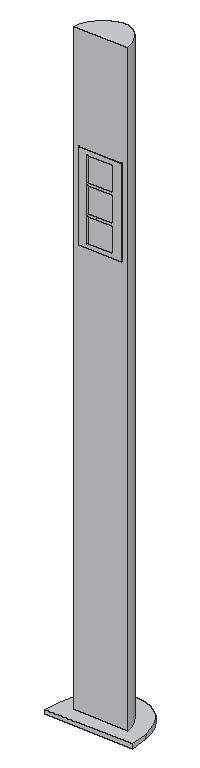
Revit family "Gira_134226", category Electrical Fixtures, host Face, Revit 2017
Family settings
  Host = Face
  Maintain Annotation Orientation = Yes
  Round Connector Dimension = Use Diameter
  Part Type = Normal
  Cut with Voids When Loaded = No
  Shared = No
  Room Calculation Point = No
Parameters (values of type "E-Säule Licht + 3x SCHUKO SH 769 mm Gira Energiesäule F Alu")
  Werkstoffgüte = "sonstige"
  Werkstoff = "sonstige"
  URL = "http://katalog.gira.de/de_DE/datenblatt.html?artikelnr=134226"
  Tiefe = "0.075 m"
  Schaltfunktion = "ohne"
  Region = "DE"
  Oberfläche = "sonstige"
  Name = "E-Säule Licht + 3x SCHUKO SH 769 mm Gira Energiesäule F Alu"
  Manufacturer URL = "https://www.gira.de/"
  Keynote = "Energiesäule_3fach"
  Höhe = "0.769 m"
  HeinzeBIM = "https://bimportal.heinze.de/bim/e-saeule-licht-3x-schuko-sh-769-mm-gira-energiesaeule-f-alu/f5eaa8759ed4a93ff027ce52888702f822e8b7cc"
  Halogenfrei = "No"
  HAN = "134226"
  Geeignet für Schutzart (IP) = "IP44"
  GTIN = "4010337342267"
  Farbe = "aluminium"
  Default Elevation = 1219.2 mm
  Data sheet (1) = "https://katalog.gira.de/de_DE/download.html?artikelnr=134226"
  Category = "Licht-/Energiesäule"
  Breite = "0.142 m"
  Available = "Yes"
  Ausführung der Oberfläche = "nicht zutreffend"
  Anzahl der Steckdosen = "2 "
Reference planes
  plane 1 "Center (Front/Back)": y = 0
  plane 2: z = 0
  plane 3 "Center (Left/Right)": x = 0
Forms (mm)
  Extrusion 1, solid, detail levels fine
    sketch origin (0, 0, 0) x (1, 0, 0) y (0, 1, 0)
      loop
        arc (-110.443, -35.525) -> (-113.205, -58.763) -> (-114.575, -82.125) r 391.9
        line (-114.575, -82.125) -> (114.575, -82.125)
        arc (114.575, -82.125) -> (113.205, -58.763) -> (110.443, -35.525) r 391.9
        spline (110.443, -35.525) -> (103.119, -6.392) -> (90.176, 19.976) -> (72.318, 42.142) -> (50.519, 58.899) -> (25.967, 69.333) -> (0, 72.875) -> (-25.967, 69.333) -> (-50.519, 58.899) -> (-72.318, 42.142) -> (-90.176, 19.976) -> (-103.119, -6.392) -> (-110.443, -35.525)
      loop
        circle (-21, -1.125) r 16
      loop
        circle (21, -1.125) r 16
    from 0 to 10
  Extrusion 2, solid, detail levels medium+fine
    sketch origin (0, 0, 0) x (1, 0, 0) y (0, 1, 0)
      loop
        line (-71.007, -44.768) -> (71.007, -44.768)
        spline (71.007, -44.768) -> (69.375, -35.583) -> (66.984, -26.66) -> (63.862, -18.098) -> (60.041, -9.991) -> (55.564, -2.426) -> (50.479, 4.513) -> (44.843, 10.75) -> (38.716, 16.217) -> (32.167, 20.856) -> (25.265, 24.614) -> (18.088, 27.45) -> (10.713, 29.335)
        spline (10.713, 29.335) -> (8.658, 29.684) -> (6.596, 29.958) -> (4.528, 30.159) -> (2.457, 30.284) -> (0.384, 30.336) -> (-1.69, 30.312) -> (-3.762, 30.214) -> (-5.831, 30.041) -> (-7.896, 29.794) -> (-9.953, 29.473) -> (-12.003, 29.077) -> (-14.042, 28.609)
        spline (-14.042, 28.609) -> (-21.069, 26.397) -> (-27.883, 23.314) -> (-34.414, 19.39) -> (-40.597, 14.666) -> (-46.369, 9.189) -> (-51.67, 3.014) -> (-56.449, -3.796) -> (-60.655, -11.171) -> (-64.247, -19.038) -> (-67.189, -27.316) -> (-69.45, -35.922) -> (-71.007, -44.768)
    from 10 to 1606
  Extrusion 3, solid, detail levels fine
    sketch origin (0, 0, 0) x (1, 0, 0) y (0, 0, 1)
      loop
        line (-56, 1332) -> (-56, 1101.5) -> (56, 1101.5) -> (56, 1332) -> (-56, 1332)
      loop
        line (33.5, 1321.55) -> (-33.5, 1321.55) -> (-33.5, 1254.55) -> (33.5, 1254.55) -> (33.5, 1321.55)
      loop
        line (33.5, 1250.25) -> (-33.5, 1250.25) -> (-33.5, 1183.25) -> (33.5, 1183.25) -> (33.5, 1250.25)
      loop
        line (33.5, 1178.95) -> (-33.5, 1178.95) -> (-33.5, 1111.95) -> (33.5, 1111.95) -> (33.5, 1178.95)
    from 44.768 to 47
  Extrusion 4, solid, detail levels coarse
    sketch origin (0, 0, 0) x (1, 0, 0) y (0, 1, 0)
      loop
        line (114.575, 72.875) -> (-114.575, 72.875) -> (-114.575, -82.125) -> (114.575, -82.125) -> (114.575, 72.875)
    from 0 to 1616
  Extrusion 5, solid, detail levels medium
    sketch origin (0, 0, 0) x (1, 0, 0) y (0, 1, 0)
      loop
        arc (-110.443, -35.525) -> (-113.205, -58.763) -> (-114.575, -82.125) r 391.9
        line (-114.575, -82.125) -> (114.575, -82.125)
        arc (114.575, -82.125) -> (113.205, -58.763) -> (110.443, -35.525) r 391.9
        spline (110.443, -35.525) -> (103.119, -6.392) -> (90.176, 19.976) -> (72.318, 42.142) -> (50.519, 58.899) -> (25.967, 69.333) -> (0, 72.875) -> (-25.967, 69.333) -> (-50.519, 58.899) -> (-72.318, 42.142) -> (-90.176, 19.976) -> (-103.119, -6.392) -> (-110.443, -35.525)
    from 0 to 10
Dimensions and locks
  aligned and locked: plane 2 to host face
  aligned and locked: level to host face
  aligned and locked: plane 3 "Center (Left/Right)" to nested 1
  aligned and locked: plane 1 "Center (Front/Back)" to nested 1
Nested families
  nested 1: "Steckdose 3-fach Beschriftung" at (0, 0, 0), type "Steckdose 3-fach Beschriftung"
Connectors
  electrical at (0, -4.625, 0)
    settings: on Extrusion 4, index 1, voltage 220 V, apparent load 0 VA, apparent load phase1 0 VA, apparent load phase2 0 VA, apparent load phase3 0 VA, power factor 1, load classification "Other", number of poles 1, system type 30, power factor state 1, is connector primary yes, connector utility no, sub classification motor no, connector description ""
Definition of nested family "Steckdose 3-fach Beschriftung"
  Reference planes
    plane 1: y = 0
    plane 2: x = 0
  Lines and regions (mm)
    detail lines
      curve 1: line (0, 0, 0) -> (0, 2, 0)
      curve 2: line (-1, 2, 0) -> (1, 2, 0)
      curve 4: arc (-1, 3, 0) -> (0, 2, 0) -> (1, 3, 0) r 1
      curve 6: line (1, 2, 0) -> (3, 2, 0)
      curve 7: arc (1, 3, 0) -> (2, 2, 0) -> (3, 3, 0) r 1
      curve 8: line (-3, 2, 0) -> (-1, 2, 0)
      curve 9: arc (-3, 3, 0) -> (-2, 2, 0) -> (-1, 3, 0) r 1
    reference lines
      curve 3: line (-1.485, 3, 0) -> (1.315, 3, 0)
      curve 5: line (0, 1, 0) -> (-1, 1, 0)
  Dimensions and locks
    curve 1 to curve 1 = 2 mm
    curve 2 to curve 2 = 2 mm
    plane 1 to curve 3 = 3 mm
